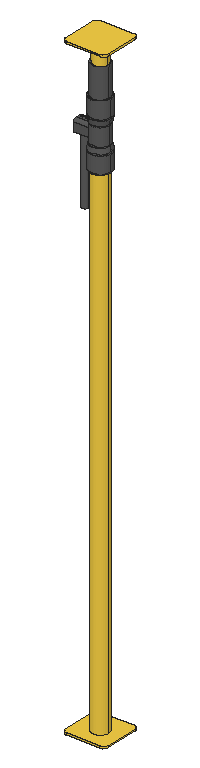
Revit family "EHL_NORMAL PROP 1,75-3,1_2150000", category Generic Models, Revit 2018
Family settings
  Can host rebar = No
  Round Connector Dimension = Use Diameter
  Part Type = Normal
  OmniClass Number = 35.51.14.00
  OmniClass Title = FORMWORK
  Work Plane-Based = Yes
  Always vertical = No
  Cut with Voids When Loaded = No
  Shared = Yes
  Room Calculation Point = No
Parameters (values of type "EHL_NORMAL PROP 1,75-3,1_2150000")
  VERSION = "20190101"  # constant formula
  URL = "www.ulmaconstruction.com/en"
  UNICLASS = ""
  Manufacturer = "ULMA CONSTRUCTION"  # constant formula
  MIN LENGTH = 1750.000 mm
  MAX LENGTH = 3100.000 mm
  ITEM_HEIGHT [instance] = if(HEIGHT < MIN LENGTH, MIN LENGTH, if(HEIGHT < MAX LENGTH, HEIGHT, MAX LENGTH))  # 1750.000 mm
  ITEM_CODE = "2150000"
  HEIGHT [instance] = 1750.000 mm
  FILTER [instance] = ""
  Default Elevation = 0.000 mm
  CLASSIFICATION_TITLE = ""
  CLASSIFICATION_NUMBER = ""
Reference planes
  plane 1 "Centro (Frontal/Posterior)": y = 0
  plane 2: z = 0
  plane 3 "Centro (Izquierda/Derecha)": x = 0
  plane 4 "ITEM_HEIGHT": z = 1750
  plane 5 "HEIGHT": z = 1750
  plane 6 "INSIDE TUBE": z = 3
  plane 7 "EXTERIOR TUBE": z = 1420
Forms (mm)
  Extrusion 1, solid, material "ULMA YELLOW"
    sketch origin (0, 0, 0) x (1, 0, 0) y (0, 1, 0)
      loop
        arc (-46, 60) -> (-55.899, 55.899) -> (-60, 46) r 14
        line (-60, 46) -> (-60, -46)
        arc (-60, -46) -> (-55.899, -55.899) -> (-46, -60) r 14
        line (-46, -60) -> (46, -60)
        arc (46, -60) -> (55.899, -55.899) -> (60, -46) r 14
        line (60, -46) -> (60, 46)
        arc (60, 46) -> (55.899, 55.899) -> (46, 60) r 14
        line (46, 60) -> (-46, 60)
    from 0 to 4
  Extrusion 2, solid, material "ULMA YELLOW"
    sketch origin (0, 0, 4) x (1, 0, 0) y (0, 1, 0)
      loop
        circle (0, 0) r 24
    from 0 to 1416
  Extrusion 3, solid, material "ULMA YELLOW"
    sketch origin (0, 0, 1750) x (-1, 0, 0) y (0, -1, 0)
      loop
        arc (46, -60) -> (55.899, -55.899) -> (60, -46) r 14
        line (60, -46) -> (60, 46)
        arc (60, 46) -> (55.899, 55.899) -> (46, 60) r 14
        line (46, 60) -> (-46, 60)
        arc (-46, 60) -> (-55.899, 55.899) -> (-60, 46) r 14
        line (-60, 46) -> (-60, -46)
        arc (-60, -46) -> (-55.899, -55.899) -> (-46, -60) r 14
        line (-46, -60) -> (46, -60)
    from 0 to -4
  Extrusion 4, solid, material "ULMA YELLOW"
    sketch origin (-860.375, -1524, 1750) x (-1, 0, 0) y (0, -1, 0)
      loop
        circle (-860.375, -1524) r 20
    from -4 to -1747
  Revolve 5, solid, material "ULMA BLACK", detail levels fine
    sketch origin (0, 0, 0) x (1, 0, 0) y (0, 0, 1)
      loop
        line (0, 1420) -> (0, 1608) -> (-28.58, 1608) -> (-30, 1606.58) -> (-30, 1559.832)
        arc (-30, 1559.832) -> (-29.906, 1558.051) -> (-29.627, 1556.29) r 17
        line (-29.627, 1556.29) -> (-26.523, 1541.721)
        arc (-26.523, 1541.721) -> (-26.244, 1539.959) -> (-26.15, 1538.178) r 17
        line (-26.15, 1538.178) -> (-26.15, 1489.736)
        arc (-26.15, 1489.736) -> (-26.241, 1487.979) -> (-26.514, 1486.24) r 17
        line (-26.514, 1486.24) -> (-29.57, 1471.696)
        arc (-29.57, 1471.696) -> (-29.843, 1469.957) -> (-29.934, 1468.199) r 17
        line (-29.934, 1468.199) -> (-29.934, 1421.316) -> (-28.618, 1420) -> (0, 1420)
      axis (0, 1608) -> (0, 1420)
    angle from 0 to 360
  Extrusion 6, solid, material "ULMA BLACK", detail levels fine
    sketch origin (0, 0, 0) x (0, 1, 0) y (0, 0, 1)
      loop
        line (-6.5, 1527) -> (6.5, 1527)
        arc (6.5, 1527) -> (10.036, 1525.536) -> (11.5, 1522) r 5
        line (11.5, 1522) -> (11.5, 1498) -> (15.5, 1498) -> (15.5, 1522)
        arc (15.5, 1522) -> (12.864, 1528.364) -> (6.5, 1531) r 9
        line (6.5, 1531) -> (-6.5, 1531)
        arc (-6.5, 1531) -> (-12.864, 1528.364) -> (-15.5, 1522) r 9
        line (-15.5, 1522) -> (-15.5, 1498) -> (-11.5, 1498) -> (-11.5, 1522)
        arc (-11.5, 1522) -> (-10.036, 1525.536) -> (-6.5, 1527) r 5
    from -62.3 to 0
  Extrusion 7, solid, material "ULMA BLACK", detail levels fine
    sketch origin (-442.814, -1524, 1420) x (-1, 0, 0) y (0, -1, 0)
      loop
        circle (-400.514, -1524) r 10
    from -110 to 100
  Extrusion 8, solid, material "ULMA BLACK", detail levels fine
    sketch origin (-442.814, -1524, 1420) x (-1, 0, 0) y (0, -1, 0)
      loop
        circle (-442.814, -1524) r 25
    from 188 to 270
Lines and regions (mm)
  model lines, style "ULMA PROP", detail levels fine
    curve 1: circle (-40, 40, 4) r 7.25 normal (0, 0, 1)
    curve 2: circle (0, 46.5, 4) r 3 normal (0, 0, 1)
    curve 3: circle (40, 40, 4) r 7.25 normal (0, 0, 1)
    curve 4: circle (46.5, 0, 4) r 3 normal (0, 0, 1)
    curve 5: circle (40, -40, 4) r 7.25 normal (0, 0, 1)
    curve 6: circle (0, -46.5, 4) r 3 normal (0, 0, 1)
    curve 7: circle (-40, -40, 4) r 7.25 normal (0, 0, 1)
    curve 8: circle (-46.5, 0, 4) r 3 normal (0, 0, 1)
    curve 9: circle (0, 0, 0) r 21 normal (0, 0, 1)
    curve 10: circle (-40, 40, 0) r 7.25 normal (0, 0, 1)
    curve 11: circle (0, 46.5, 0) r 3 normal (0, 0, 1)
    curve 12: circle (40, 40, 0) r 7.25 normal (0, 0, 1)
    curve 13: circle (46.5, 0, 0) r 3 normal (0, 0, 1)
    curve 14: circle (40, -40, 0) r 7.25 normal (0, 0, 1)
    curve 15: circle (0, -46.5, 0) r 3 normal (0, 0, 1)
    curve 16: circle (-40, -40, 0) r 7.25 normal (0, 0, 1)
    curve 17: circle (-46.5, 0, 0) r 3 normal (0, 0, 1)
    curve 18: circle (-40, 40, 1750) r 7.25 normal (0, 0, 1)
    curve 19: circle (40, 40, 1750) r 7.25 normal (0, 0, 1)
    curve 20: circle (40, -40, 1750) r 7.25 normal (0, 0, 1)
    curve 21: circle (-40, -40, 1750) r 7.25 normal (0, 0, 1)
    curve 22: circle (-40, 40, 1746) r 7.25 normal (0, 0, 1)
    curve 23: circle (40, 40, 1746) r 7.25 normal (0, 0, 1)
    curve 24: circle (40, -40, 1746) r 7.25 normal (0, 0, 1)
    curve 25: circle (-40, -40, 1746) r 7.25 normal (0, 0, 1)
    curve 26: circle (0, 0, 1750) r 21 normal (0, 0, 1)
    curve 27: circle (0, 46.5, 1750) r 3 normal (0, 0, 1)
    curve 28: circle (46.5, 0, 1750) r 3 normal (0, 0, 1)
    curve 29: circle (0, -46.5, 1750) r 3 normal (0, 0, 1)
    curve 30: circle (-46.5, 0, 1750) r 3 normal (0, 0, 1)
    curve 31: circle (0, 46.5, 1746) r 3 normal (0, 0, 1)
    curve 32: circle (46.5, 0, 1746) r 3 normal (0, 0, 1)
    curve 33: circle (0, -46.5, 1746) r 3 normal (0, 0, 1)
    curve 34: circle (-46.5, 0, 1746) r 3 normal (0, 0, 1)
Dimensions and locks
  Extrusion 1 sketch curve to plane 3 "Centro (Izquierda/Derecha)" = 60.000 mm
  Extrusion 1 sketch curve to Extrusion 1 sketch curve = 120.000 mm  (x2)
  plane 1 "Centro (Frontal/Posterior)" to Extrusion 1 sketch curve = 60.000 mm
  "ITEM_HEIGHT": plane 4 "ITEM_HEIGHT" to plane 2
  "HEIGHT": plane 5 "HEIGHT" to plane 2
  Extrusion 3 sketch curve to Extrusion 3 sketch curve = 120.000 mm  (x2)
  locked: plane 4 "ITEM_HEIGHT" to plane 6 "INSIDE TUBE" at 1747
  locked: plane 7 "EXTERIOR TUBE" to plane 2 at 1420
  locked: Extrusion 6 sketch curve to plane 7 "EXTERIOR TUBE" at 78
  locked: plane 7 "EXTERIOR TUBE" to Extrusion 6 sketch curve at 78
  locked: plane 7 "EXTERIOR TUBE" to Extrusion 6 sketch curve at 107
  locked: plane 7 "EXTERIOR TUBE" to Extrusion 6 sketch curve at 111
  diameter of Extrusion 2 sketch curve = 48.000 mm
  diameter of Extrusion 4 sketch curve = 40.000 mm
  aligned and locked: level to plane 2
  aligned and locked: Extrusion 4 to plane 6 "INSIDE TUBE"
  aligned and locked: plane 7 "EXTERIOR TUBE" to Extrusion 2
  aligned and locked: Revolve 5 to plane 7 "EXTERIOR TUBE"
Automatic sketch dimensions
  curve 19 to Extrusion 3 = 20.000 mm  (x2)
  curve 20 to Extrusion 3 = 20.000 mm  (x2)
  curve 18 to Extrusion 3 = 20.000 mm  (x2)
  curve 21 to Extrusion 3 = 20.000 mm  (x2)
  Extrusion 3 to curve 23 = 20.000 mm  (x2)
  Extrusion 3 to curve 24 = 20.000 mm  (x2)
  Extrusion 3 to curve 25 = 20.000 mm  (x2)
  Extrusion 3 to curve 22 = 20.000 mm  (x2)
  Extrusion 1 sketch curve to Extrusion 1 sketch curve = 14.000 mm  (x4)
  Extrusion 1 to curve 17 = 13.500 mm
  Extrusion 1 to curve 16 = 20.000 mm  (x2)
  Extrusion 1 to curve 10 = 20.000 mm  (x2)
  Extrusion 1 to curve 11 = 13.500 mm
  curve 10 to curve 11 = 40.000 mm
  curve 9 to curve 11 = 0.000 mm
  Extrusion 1 to curve 15 = 13.500 mm
  curve 16 to curve 15 = 40.000 mm
  Extrusion 1 to curve 12 = 20.000 mm  (x2)
  Extrusion 1 to curve 14 = 20.000 mm  (x2)
  Extrusion 1 to curve 13 = 13.500 mm
  curve 9 to curve 11 = 46.500 mm
  curve 14 to curve 13 = 40.000 mm
  curve 16 to curve 17 = 40.000 mm
  curve 19 to curve 26 = 40.000 mm  (x2)
  curve 28 to Extrusion 3 = 13.500 mm
  curve 29 to Extrusion 3 = 13.500 mm
  curve 29 to curve 21 = 40.000 mm
  curve 27 to Extrusion 3 = 13.500 mm
  curve 27 to curve 18 = 40.000 mm
  curve 30 to Extrusion 3 = 13.500 mm
  curve 19 to curve 28 = 40.000 mm
  curve 18 to curve 30 = 40.000 mm
  Extrusion 3 to curve 32 = 13.500 mm
  Extrusion 3 to curve 31 = 13.500 mm
  curve 31 to curve 22 = 40.000 mm
  Extrusion 3 to curve 33 = 13.500 mm
  curve 33 to curve 25 = 40.000 mm
  Extrusion 3 to curve 34 = 13.500 mm
  curve 23 to curve 32 = 40.000 mm
  curve 22 to curve 34 = 40.000 mm
  plane 3 "Centro (Izquierda/Derecha)" to Extrusion 3 sketch curve = 60.000 mm
  Extrusion 3 sketch curve to Extrusion 3 sketch curve = 14.000 mm  (x4)
  Revolve 5 sketch curve to plane 7 "EXTERIOR TUBE" = 0.000 mm
  Revolve 5 sketch curve to plane 3 "Centro (Izquierda/Derecha)" = 0.000 mm
  Revolve 5 sketch curve to plane 3 "Centro (Izquierda/Derecha)" = 12.934 mm
  Revolve 5 sketch curve to plane 3 "Centro (Izquierda/Derecha)" = 13.000 mm
  Revolve 5 sketch curve to Revolve 5 sketch curve = 13.150 mm
  Revolve 5 sketch curve to Revolve 5 sketch curve = 0.364 mm
  Revolve 5 sketch curve to Revolve 5 sketch curve = 0.373 mm
  Revolve 5 sketch curve to plane 3 "Centro (Izquierda/Derecha)" = 28.580 mm
  Revolve 5 sketch curve to Revolve 5 sketch curve = 28.618 mm
  Revolve 5 sketch curve to Revolve 5 sketch curve = 3.057 mm
  Revolve 5 sketch curve to Revolve 5 sketch curve = 3.104 mm
  plane 7 "EXTERIOR TUBE" to Revolve 5 sketch curve = 1.316 mm
  Revolve 5 sketch curve to Revolve 5 sketch curve = 1.316 mm
  Revolve 5 sketch curve to Revolve 5 sketch curve = 1.420 mm  (x2)
  Revolve 5 sketch curve to Revolve 5 sketch curve = 16.627 mm
  Revolve 5 sketch curve to Revolve 5 sketch curve = 17.000 mm
  plane 7 "EXTERIOR TUBE" to Revolve 5 sketch curve = 48.199 mm
  Revolve 5 sketch curve to Revolve 5 sketch curve = 14.543 mm
  Revolve 5 sketch curve to Revolve 5 sketch curve = 48.442 mm
  Revolve 5 sketch curve to Revolve 5 sketch curve = 14.570 mm
  Revolve 5 sketch curve to Revolve 5 sketch curve = 46.748 mm
  Extrusion 6 sketch curve to Extrusion 6 sketch curve = 0.000 mm  (x4)
  plane 1 "Centro (Frontal/Posterior)" to Extrusion 6 sketch curve = 15.500 mm
  plane 1 "Centro (Frontal/Posterior)" to Extrusion 6 sketch curve = 6.500 mm
  Extrusion 6 sketch curve to plane 1 "Centro (Frontal/Posterior)" = 6.500 mm
  Extrusion 6 sketch curve to Extrusion 6 sketch curve = 5.000 mm
  curve 8 to Extrusion 1 = 13.500 mm
  curve 7 to Extrusion 1 = 20.000 mm  (x2)
  curve 1 to Extrusion 1 = 20.000 mm  (x2)
  curve 2 to Extrusion 1 = 13.500 mm
  curve 1 to curve 2 = 40.000 mm
  curve 6 to Extrusion 1 = 13.500 mm
  curve 7 to curve 6 = 40.000 mm
  curve 3 to Extrusion 1 = 20.000 mm  (x2)
  curve 5 to Extrusion 1 = 20.000 mm  (x2)
  curve 4 to Extrusion 1 = 13.500 mm
  curve 5 to curve 4 = 40.000 mm
  curve 7 to curve 8 = 40.000 mm
  plane 1 "Centro (Frontal/Posterior)" to Extrusion 7 sketch curve = 0.000 mm
  Extrusion 7 sketch curve to plane 3 "Centro (Izquierda/Derecha)" = 42.300 mm
  plane 1 "Centro (Frontal/Posterior)" to Extrusion 8 sketch curve = 0.000 mm
  Extrusion 8 sketch curve to plane 3 "Centro (Izquierda/Derecha)" = 0.000 mm
  plane 1 "Centro (Frontal/Posterior)" to Extrusion 4 sketch curve = 0.000 mm
  Extrusion 4 sketch curve to plane 3 "Centro (Izquierda/Derecha)" = 0.000 mm
  Extrusion 2 sketch curve to Extrusion 1 = 60.000 mm  (x2)
  Extrusion 3 sketch curve to plane 1 "Centro (Frontal/Posterior)" = 60.000 mm
  radius of curve 18 = 7.250 mm
  radius of curve 19 = 7.250 mm
  radius of curve 20 = 7.250 mm
  radius of curve 21 = 7.250 mm
  radius of curve 26 = 21.000 mm
  radius of curve 22 = 7.250 mm
  radius of curve 23 = 7.250 mm
  radius of curve 24 = 7.250 mm
  radius of curve 25 = 7.250 mm
  radius of curve 9 = 21.000 mm
  radius of curve 10 = 7.250 mm
  radius of curve 11 = 3.000 mm
  radius of curve 12 = 7.250 mm
  radius of curve 13 = 3.000 mm
  radius of curve 14 = 7.250 mm
  radius of curve 15 = 3.000 mm
  radius of curve 16 = 7.250 mm
  radius of curve 17 = 3.000 mm
  radius of curve 27 = 3.000 mm
  radius of curve 28 = 3.000 mm
  radius of curve 29 = 3.000 mm
  radius of curve 30 = 3.000 mm
  radius of curve 31 = 3.000 mm
  radius of curve 32 = 3.000 mm
  radius of curve 33 = 3.000 mm
  radius of curve 34 = 3.000 mm
  radius of curve 1 = 7.250 mm
  radius of curve 2 = 3.000 mm
  radius of curve 3 = 7.250 mm
  radius of curve 4 = 3.000 mm
  radius of curve 5 = 7.250 mm
  radius of curve 6 = 3.000 mm
  radius of curve 7 = 7.250 mm
  radius of curve 8 = 3.000 mm
  radius of Extrusion 7 sketch curve = 10.000 mm
  radius of Extrusion 8 sketch curve = 25.000 mm
